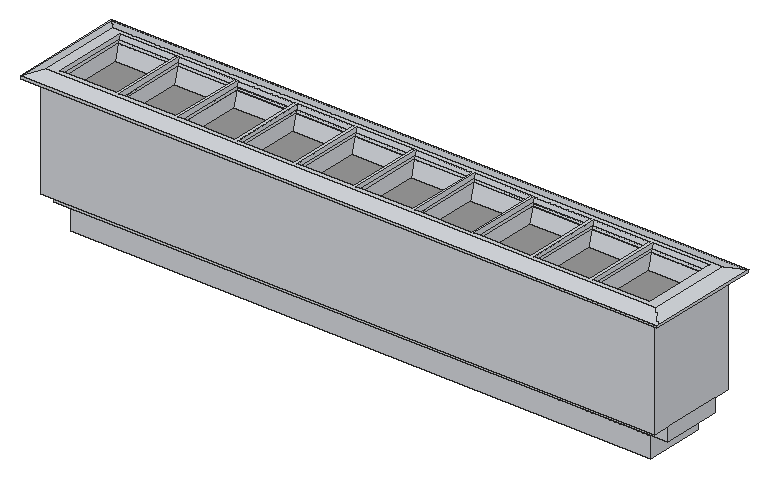
Revit family "2061171 Sylvania Lighting Fixture DOMINO 10xLED 930 BLACK NB TRIM BLACK", category Lighting Fixtures, host Face, Revit 2018
Family settings
  Host = Face
  Round Connector Dimension = Use Diameter
  Part Type = Normal
  OmniClass Number = 23.80.70.00
  OmniClass Title = Lighting
  Cut with Voids When Loaded = No
  Light Source = Yes
  Shared = No
  Room Calculation Point = No
Parameters (values of type "2061171 DOMINO 10XLED 930 BLACK NB TR BLK ")
  top top width = 15.812 mm
  top top length = 255 mm
  Width = 50 mm
  Weight = "n/a"
  Wattage Comments = ""
  Wattage = 9.2903 W
  WarrantyStartDate [instance] = "n/a"
  WarrantyGuarantorParts = "n/a"
  WarrantyDurationUnit = "n/a"
  WarrantyDurationParts = ""
  WarrantyDescription = "http://www.sylvania-lighting.com"
  built-in parameter 1150110 = 1 (stored number, unit not read)
  Voltage = 0 V
  URL = "0.95"
  TypeName = "DOMINO 10xLED 930 BLACK NB TRIM BLACK"
  Type Image = <None>
  Type Comments = "n/a"
  built-in parameter 1114217 = 1 (stored number, unit not read)
  Top Width = 26 mm
  Tilt Angle = 90.00°
  built-in parameter 1150109 = 1 (stored number, unit not read)
  built-in parameter 1150134 = 3
  built-in parameter 1150113 = 1 (stored number, unit not read)
  SerialNumber [instance] = "n/a"
  Recessed Width = 43 mm
  Recessed Length = 276 mm
  Photometric Web File = "2061171.ies"
  Material_3_FEILO = none
  PowerFactor = 0
  PowerConsumption = "Lighting"
  NominalLength = 50 mm
  NominalHeight = 0 mm
  NominalDepth = 0 mm
  Name = "DOMINO 10xLED 930 BLACK NB TRIM BLACK"
  ModelReference = Name  # "DOMINO 10xLED 930 BLACK NB TRIM BLACK"
  ModelNumber = "2061171"
  Model = Name  # "DOMINO 10xLED 930 BLACK NB TRIM BLACK"
  Material = "Feilo Sylvania"
  ManufacturerName = "69 lm/W"
  Manufacturer = ""
  LuminousEfficacy = ""
  built-in parameter 1150105 = 109.82 (stored number, unit not read)
  Lumens = 1380 lm
  LuminaireType = "0"
  built-in parameter 1150115 = 1 (stored number, unit not read)
  LightOutputRatio = "LED"
  built-in parameter 1150137 = (empty or 0)
  built-in parameter 1150139 = (empty or 0)
  Lens inside recess = 25 mm
  Lens Width = 32 mm
  Lens Outside recess = 31.978 mm
  Lens = Glass, White, High Luminance
  Length = 280 mm
  LampsType = Lamp  # "n/a"
  LampNominalLuminous = "3000 K"
  LampMacAdamStep = "90"
  LampColourTemperature = "LED"
  LampColourRenderingIndex = "16500"
  built-in parameter 1150112 = 1 (stored number, unit not read)
  built-in parameter 1150114 = 1 (stored number, unit not read)
  Lamp = "n/a"
  Keynote = "n/a"
  InstallationDate [instance] = "n/a"
  InputVoltage = "0"
  InputNominalFrequency = "3000"
  built-in parameter 1150132 = (empty or 0)
  built-in parameter 1150102 = (empty or 0)
  built-in parameter 1150107 = 3200 (stored number, unit not read)
  built-in parameter 1150138 = (empty or 0)
  IngressProtection = "IfcLightFixtureType"
  ImpactProtectionIndex = "IfcLightFixtureType"
  built-in parameter 1150106 = 1.0982 (stored number, unit not read)
  IfcExportType = "IfcLightFixtureType"
  IfcExportAs = "Class II"
  Facia internal width = 37 mm
  Facia internal length = 268 mm
  Facia Height = 2 mm
  ExpectedLife = 50000
  Emit from Circle Diameter = 609.6 mm
  Emit Shape Visible in Rendering = no
  ElectricShockClassification = "69"
  built-in parameter 1150104 = 13.8 (stored number, unit not read)
  DurationUnit = "hours"
  DocumentationLiterature = "http://www.sylvania-lighting.com/product/en-int/products/2061171"
  DimmingControlOptions = "n/a"
  Material_2_FEILO = none
  Dimming Lamp Color Temperature Shift = <None>
  Description = "Modular LED recessed linear spotlight, ideal for retail and hospitality applications. Die-cast aluminium body, passive cooling. Two levels of reflector installation, low glaring UGR<16. 10x LED source, 15° beam angle , optics: PMMA lens and polycarbonate reflector combination, Black matt reflector finish. Light color temperature: 3000K warm white, total system power: 23W , total fixture lumen output: 1575lm, efficacy: 69 lm/W, Ra90 typical, LED chromacity: 3 step MacAdam ellipse (SDCM3), lifespan: 96,000 hours at 90% of the original output (L90B10), IR/UV free light source without heat radiation, operating voltage: 220-240V / 50-60Hz, electronic driver, ultra low flicker, non-dimmable , electrical protection: Class II. Degree of Protection: IP40/IP20, suitable for indoor environment only. Ceiling cut-out: 43x43mm, outer dimensions:  280x50mm trim frame RAL 9005 - Jet black color.5 years Warranty."
  Default Elevation = 1219.2 mm
  CreatedOn = "11/02/2021"
  CreatedBy = "@sylvania-lighting.com"
  Cost = 0
  Color Filter = 16777215
  built-in parameter 1114216 [instance] = (empty or 0)
  ClassificationValue = "EF_70_80"
  ClassificationName = "Uniclass2015"
  Material_1_FEILO = none
  Body Width = 40 mm
  Body Length = 270 mm
  BarCode [instance] = "n/a"
  built-in parameter 1114218 = 1 (stored number, unit not read)
  built-in parameter 1150133 = 10 (stored number, unit not read)
  AssetType = "Fixed"
  AssetIdentifier [instance] = "n/a"
  Assembly Code = "D5020200"
  Apparent Load = 23 VA
  Material_4_FEILO = none
Reference planes
  plane 1 "Center (Front/Back)": y = 0
  plane 2: z = 0
  plane 3 "Center (Left/Right)": x = 0
  plane 4: z = 0
  plane 5: z = -7
  plane 6: z = -45.895
  plane 7: z = -51.895
  plane 8: z = -60.895
  plane 9: x = -138
  plane 10: x = 138
  plane 11: y = 21.5
  plane 12: y = -21.5
  plane 13: x = -140
  plane 14: x = 140
  plane 15: y = 25
  plane 16: y = -25
  plane 17: x = 134
  plane 18: x = -134
  plane 19: y = 18.5
  plane 20: y = -18.5
  plane 21: z = 2
  plane 22: x = -135
  plane 23: x = 135
  plane 24: y = 20
  plane 25: y = -20
  plane 26: y = 13
  plane 27: y = -13
  plane 28: x = 127.5
  plane 29: x = -127.5
  plane 30: x = -132
  plane 31: y = 16.5
  plane 32: y = -16.472
  plane 33: y = 13
  plane 34: y = -12.972
  plane 35: x = 129.7
  plane 36: x = 127.224
Forms (mm)
  Extrusion 1, solid, not visible, detail levels medium+fine
    sketch origin (4.2, 0, 0) x (1, 0, 0) y (0, 1, 0)
      loop
        line (-29.2, 34.5) -> (-29.2, -34.5) -> (20.8, -34.5) -> (20.8, 34.5) -> (-29.2, 34.5)
    from 0 to 1
  Extrusion 2, solid, not visible, detail levels medium+fine
    sketch origin (4.044, 0, 0) x (1, 0, 0) y (0, 1, 0)
      loop
        line (-29.2, 34.5) -> (-29.2, -34.5) -> (20.8, -34.5) -> (20.8, 34.5) -> (-29.2, 34.5)
    from 0 to 1
  Blend 3, solid, not visible, detail levels medium+fine
    base sketch origin (4.2, 0, 0) x (1, 0, 0) y (0, 1, 0)
      loop
        line (-29.2, 34.5) -> (-29.2, -34.5) -> (20.8, -34.5) -> (20.8, 34.5) -> (-29.2, 34.5)
    top sketch origin (4.2, 0, 0) x (1, 0, 0) y (0, 1, 0)
      loop
        line (-21.7, 28) -> (-21.7, -28) -> (13.3, -28) -> (13.3, 28) -> (-21.7, 28)
    from 1 to 3
  Extrusion 4, solid, not visible, detail levels medium+fine
    sketch origin (3.419, 0, 0) x (1, 0, 0) y (0, 1, 0)
      loop
        line (-29.2, 34.5) -> (-29.2, -34.5) -> (20.8, -34.5) -> (20.8, 34.5) -> (-29.2, 34.5)
    from 0 to 1
  Blend 5, solid, not visible, detail levels medium+fine
    base sketch origin (3.575, 0, 0) x (1, 0, 0) y (0, 1, 0)
      loop
        line (-29.2, 34.5) -> (-29.2, -34.5) -> (20.8, -34.5) -> (20.8, 34.5) -> (-29.2, 34.5)
    top sketch origin (3.575, 0, 0) x (1, 0, 0) y (0, 1, 0)
      loop
        line (-21.7, 28) -> (-21.7, -28) -> (13.3, -28) -> (13.3, 28) -> (-21.7, 28)
    from 1 to 3
  Extrusion 6, solid, not visible, detail levels medium+fine
    sketch origin (4.247, 0, 0) x (1, 0, 0) y (0, 1, 0)
      loop
        line (-29.2, 34.5) -> (-29.2, -34.5) -> (20.8, -34.5) -> (20.8, 34.5) -> (-29.2, 34.5)
    from 0 to 1
  Blend 7, solid, not visible, detail levels medium+fine
    base sketch origin (4.403, 0, 0) x (1, 0, 0) y (0, 1, 0)
      loop
        line (-29.2, 34.5) -> (-29.2, -34.5) -> (20.8, -34.5) -> (20.8, 34.5) -> (-29.2, 34.5)
    top sketch origin (4.403, 0, 0) x (1, 0, 0) y (0, 1, 0)
      loop
        line (-21.7, 28) -> (-21.7, -28) -> (13.3, -28) -> (13.3, 28) -> (-21.7, 28)
    from 1 to 3
  Extrusion 8, void, detail levels medium+fine
    sketch origin (4.2, 0, 0) x (0, 1, 0) y (1, 0, 0)
      loop
        line (21.5, -142.2) -> (21.5, 133.8) -> (-21.5, 133.8) -> (-21.5, -142.2) -> (21.5, -142.2)
    from -9.934 to 83.097
  Extrusion 9, solid, detail levels medium+fine
    sketch origin (4.2, 0, 0) x (1, 0, 0) y (0, 1, 0)
      loop
        line (-144.2, 25) -> (-144.2, -25) -> (135.8, -25) -> (135.8, 25) -> (-144.2, 25)
    from 0 to 1
  Extrusion 10, solid, detail levels medium+fine
    sketch origin (4.2, 0, 0) x (1, 0, 0) y (0, 1, 0)
      loop
        line (-139.2, 20) -> (-139.2, -20) -> (130.8, -20) -> (130.8, 20) -> (-139.2, 20)
    from 0 to -45.895
  Extrusion 11, solid, detail levels medium+fine
    sketch origin (4.2, 0, 0) x (1, 0, 0) y (0, 1, 0)
      loop
        line (-139.2, 13) -> (-139.2, -13) -> (130.8, -13) -> (130.8, 13) -> (-139.2, 13)
    from -51.895 to -45.895
  Extrusion 12, solid, material "Glass, White, High Luminance" <- "Lens", detail levels fine
    sketch origin (-53.155, 1221.106, 36.156) x (1, 0, 0) y (0, 1, 0)
      loop
        line (-76.18, -1206.856) -> (-76.18, -1232.856) -> (-52.18, -1232.856) -> (-52.18, -1206.856) -> (-76.18, -1206.856)
    from -43.156 to -42.182
  Blend 13, solid, detail levels medium+fine
    base sketch origin (4.2, 0, 0) x (1, 0, 0) y (0, 1, 0)
      loop
        line (-144.2, 25) -> (-144.2, -25) -> (135.8, -25) -> (135.8, 25) -> (-144.2, 25)
    top sketch origin (4.2, 0, 0) x (1, 0, 0) y (0, 1, 0)
      loop
        line (-138.2, 18.5) -> (-138.2, -18.5) -> (129.8, -18.5) -> (129.8, 18.5) -> (-138.2, 18.5)
    from 1 to 3
  Extrusion 14, solid, detail levels fine
    sketch origin (0, 0, 0) x (1, 0, 0) y (0, 0, 1)
      loop
        line (-127.5, -51.895) -> (-127.5, -60.895) -> (127.5, -60.895) -> (127.5, -51.895) -> (-127.5, -51.895)
    from -13 to 13
  Blend 15, void
    base sketch origin (-59.8, 0, 0) x (0, 1, 0) y (-1, 0, 0)
      loop
        line (16.5, 69.7) -> (-16.472, 69.7) -> (-16.472, 44.7) -> (16.5, 44.7) -> (16.5, 69.7)
    top sketch origin (-59.8, 0, 0) x (0, 1, 0) y (-1, 0, 0)
      loop
        line (13, 69.2) -> (-12.972, 69.2) -> (-12.972, 45.2) -> (13, 45.2) -> (13, 69.2)
    from 3 to -7
  Blend 16, void
    base sketch origin (18.282, 0, 0) x (0, 1, 0) y (-1, 0, 0)
      loop
        line (16.5, 69.7) -> (-16.472, 69.7) -> (-16.472, 44.7) -> (16.5, 44.7) -> (16.5, 69.7)
    top sketch origin (18.282, 0, 0) x (0, 1, 0) y (-1, 0, 0)
      loop
        line (13, 69.2) -> (-12.972, 69.2) -> (-12.972, 45.2) -> (13, 45.2) -> (13, 69.2)
    from 3 to -7
  Blend 17, void
    base sketch origin (44.284, -0.017, 0) x (0, 1, 0) y (-1, 0, 0)
      loop
        line (16.5, 69.7) -> (-16.472, 69.7) -> (-16.472, 44.7) -> (16.5, 44.7) -> (16.5, 69.7)
    top sketch origin (44.284, -0.017, 0) x (0, 1, 0) y (-1, 0, 0)
      loop
        line (13, 69.2) -> (-12.972, 69.2) -> (-12.972, 45.2) -> (13, 45.2) -> (13, 69.2)
    from 3 to -7
  Blend 18, void
    base sketch origin (70.327, 0, 0) x (0, 1, 0) y (-1, 0, 0)
      loop
        line (16.5, 69.7) -> (-16.472, 69.7) -> (-16.472, 44.7) -> (16.5, 44.7) -> (16.5, 69.7)
    top sketch origin (70.327, 0, 0) x (0, 1, 0) y (-1, 0, 0)
      loop
        line (13, 69.2) -> (-12.972, 69.2) -> (-12.972, 45.2) -> (13, 45.2) -> (13, 69.2)
    from 3 to -7
  Blend 19, void
    base sketch origin (96.351, 0, 0) x (0, 1, 0) y (-1, 0, 0)
      loop
        line (16.5, 69.7) -> (-16.472, 69.7) -> (-16.472, 44.7) -> (16.5, 44.7) -> (16.5, 69.7)
    top sketch origin (96.351, 0, 0) x (0, 1, 0) y (-1, 0, 0)
      loop
        line (13, 69.2) -> (-12.972, 69.2) -> (-12.972, 45.2) -> (13, 45.2) -> (13, 69.2)
    from 3 to -7
  Extrusion 20, solid, material "Glass, White, High Luminance" <- "Lens", detail levels fine
    sketch origin (-29.269, 1219.946, 36.156) x (1, 0, 0) y (0, 1, 0)
      loop
        line (-73.723, -1206.946) -> (-73.723, -1232.946) -> (-49.723, -1232.946) -> (-49.723, -1206.946) -> (-73.723, -1206.946)
    from -43.156 to -42.182
  Extrusion 21, solid, material "Glass, White, High Luminance" <- "Lens", detail levels fine
    sketch origin (-0.613, 1219.733, 36.156) x (1, 0, 0) y (0, 1, 0)
      loop
        line (-76.347, -1206.7) -> (-76.347, -1232.733) -> (-52.347, -1232.733) -> (-52.347, -1206.7) -> (-76.347, -1206.7)
    from -43.156 to -42.182
  Extrusion 22, solid, material "Glass, White, High Luminance" <- "Lens", detail levels fine
    sketch origin (24.387, 1218.509, 36.156) x (1, 0, 0) y (0, 1, 0)
      loop
        line (-75.305, -1205.509) -> (-75.305, -1231.509) -> (-51.305, -1231.509) -> (-51.305, -1205.509) -> (-75.305, -1205.509)
    from -43.156 to -42.182
  Extrusion 23, solid, material "Glass, White, High Luminance" <- "Lens", detail levels fine
    sketch origin (51.187, 1219.547, 36.156) x (1, 0, 0) y (0, 1, 0)
      loop
        line (-76.102, -1206.547) -> (-76.102, -1232.547) -> (-52.102, -1232.547) -> (-52.102, -1206.547) -> (-76.102, -1206.547)
    from -43.156 to -42.182
  Blend 24, void
    base sketch origin (-33.792, 0, 0) x (0, 1, 0) y (-1, 0, 0)
      loop
        line (16.5, 69.7) -> (-16.472, 69.7) -> (-16.472, 44.7) -> (16.5, 44.7) -> (16.5, 69.7)
    top sketch origin (-33.792, 0, 0) x (0, 1, 0) y (-1, 0, 0)
      loop
        line (13, 69.2) -> (-12.972, 69.2) -> (-12.972, 45.2) -> (13, 45.2) -> (13, 69.2)
    from 3 to -7
  Blend 25, void
    base sketch origin (-7.76, 0, 0) x (0, 1, 0) y (-1, 0, 0)
      loop
        line (16.5, 69.7) -> (-16.472, 69.7) -> (-16.472, 44.7) -> (16.5, 44.7) -> (16.5, 69.7)
    top sketch origin (-7.76, 0, 0) x (0, 1, 0) y (-1, 0, 0)
      loop
        line (13, 69.2) -> (-12.972, 69.2) -> (-12.972, 45.2) -> (13, 45.2) -> (13, 69.2)
    from 3 to -7
  Blend 26, void
    base sketch origin (122.411, 0, 0) x (0, 1, 0) y (-1, 0, 0)
      loop
        line (16.5, 69.7) -> (-16.472, 69.7) -> (-16.472, 44.7) -> (16.5, 44.7) -> (16.5, 69.7)
    top sketch origin (122.411, 0, 0) x (0, 1, 0) y (-1, 0, 0)
      loop
        line (13, 69.2) -> (-12.972, 69.2) -> (-12.972, 45.2) -> (13, 45.2) -> (13, 69.2)
    from 3 to -7
  Extrusion 27, solid, material "Glass, White, High Luminance" <- "Lens", detail levels fine
    sketch origin (77.265, 1219.547, 36.156) x (1, 0, 0) y (0, 1, 0)
      loop
        line (-76.102, -1206.547) -> (-76.102, -1232.547) -> (-52.102, -1232.547) -> (-52.102, -1206.547) -> (-76.102, -1206.547)
    from -43.156 to -42.182
  Extrusion 28, solid, material "Glass, White, High Luminance" <- "Lens", detail levels fine
    sketch origin (100.753, 1219.547, 36.156) x (1, 0, 0) y (0, 1, 0)
      loop
        line (-76.102, -1206.547) -> (-76.102, -1232.547) -> (-52.102, -1232.547) -> (-52.102, -1206.547) -> (-76.102, -1206.547)
    from -43.156 to -42.182
  Extrusion 29, solid, material "Glass, White, High Luminance" <- "Lens", detail levels fine
    sketch origin (129.314, 1219.547, 36.156) x (1, 0, 0) y (0, 1, 0)
      loop
        line (-76.102, -1206.547) -> (-76.102, -1232.547) -> (-52.102, -1232.547) -> (-52.102, -1206.547) -> (-76.102, -1206.547)
    from -43.156 to -42.182
  Blend 30, void
    base sketch origin (148.416, 0, 0) x (0, 1, 0) y (-1, 0, 0)
      loop
        line (16.5, 69.7) -> (-16.472, 69.7) -> (-16.472, 44.7) -> (16.5, 44.7) -> (16.5, 69.7)
    top sketch origin (148.416, 0, 0) x (0, 1, 0) y (-1, 0, 0)
      loop
        line (13, 69.2) -> (-12.972, 69.2) -> (-12.972, 45.2) -> (13, 45.2) -> (13, 69.2)
    from 3 to -7
  Extrusion 31, solid, material "Glass, White, High Luminance" <- "Lens", detail levels fine
    sketch origin (155.278, 1219.547, 36.156) x (1, 0, 0) y (0, 1, 0)
      loop
        line (-76.102, -1206.547) -> (-76.102, -1232.547) -> (-52.102, -1232.547) -> (-52.102, -1206.547) -> (-76.102, -1206.547)
    from -43.156 to -42.182
  Blend 32, void
    base sketch origin (174.42, 0, 0) x (0, 1, 0) y (-1, 0, 0)
      loop
        line (16.5, 69.7) -> (-16.472, 69.7) -> (-16.472, 44.7) -> (16.5, 44.7) -> (16.5, 69.7)
    top sketch origin (174.42, 0, 0) x (0, 1, 0) y (-1, 0, 0)
      loop
        line (13, 69.2) -> (-12.972, 69.2) -> (-12.972, 45.2) -> (13, 45.2) -> (13, 69.2)
    from 3 to -7
  Extrusion 33, solid, material "Glass, White, High Luminance" <- "Lens", detail levels fine
    sketch origin (181.434, 1219.547, 36.156) x (1, 0, 0) y (0, 1, 0)
      loop
        line (-76.214, -1206.547) -> (-76.214, -1232.547) -> (-52.214, -1232.547) -> (-52.214, -1206.547) -> (-76.214, -1206.547)
    from -43.156 to -42.182
  Extrusion 34, solid, detail levels coarse
    sketch origin (4.2, 0, 0) x (1, 0, 0) y (0, 1, 0)
      loop
        line (-144.2, 25) -> (-144.2, -25) -> (135.8, -25) -> (135.8, 25) -> (-144.2, 25)
    from -60.895 to 3
Cuts and joins
  Blend 15, Blend 16, Blend 17, Blend 18, Blend 19, Blend 24, Blend 25, Blend 26, Blend 30, Blend 32 cuts Extrusion 9
  Blend 15, Blend 16, Blend 17, Blend 18, Blend 19, Blend 24, Blend 25, Blend 26, Blend 30, Blend 32 cuts Extrusion 10
  Blend 15, Blend 16, Blend 17, Blend 18, Blend 19, Blend 24, Blend 25, Blend 26, Blend 30, Blend 32 cuts Blend 13
  Blend 32 cuts Extrusion 31
Dimensions and locks
  "Recessed Length": plane 9 to plane 10
  equal spacing: plane 9, plane 3 "Center (Left/Right)", plane 10
  "Length": plane 13 to plane 14
  equal spacing: plane 13, plane 3 "Center (Left/Right)", plane 14
  "Recessed Width": plane 11 to plane 12
  equal spacing: plane 11, plane 1 "Center (Front/Back)", plane 12
  "Width": plane 15 to plane 16
  equal spacing: plane 15, plane 1 "Center (Front/Back)", plane 16
  "Facia internal length": plane 18 to plane 17
  equal spacing: plane 18, plane 3 "Center (Left/Right)", plane 17
  "Facia internal width": plane 19 to plane 20
  equal spacing: plane 19, plane 1 "Center (Front/Back)", plane 20
  "Facia Height": plane 21 to host face
  "Body Length": plane 22 to plane 23
  equal spacing: plane 22, plane 3 "Center (Left/Right)", plane 23
  "Body Width": plane 24 to plane 25
  equal spacing: plane 24, plane 1 "Center (Front/Back)", plane 25
  "Top Width": plane 26 to plane 27
  equal spacing: plane 26, plane 1 "Center (Front/Back)", plane 27
  "top top length": plane 29 to plane 28
  equal spacing: plane 29, plane 3 "Center (Left/Right)", plane 28  (x2)
  plane 28 to plane 29 = 255 mm
  equal spacing: plane 28, plane 3 "Center (Left/Right)", plane 29
  aligned and locked: plane 2 to host face
  aligned and locked: level to host face
  aligned and locked: Extrusion 11 to plane 7
  aligned and locked: Extrusion 10 to plane 6
  aligned and locked: Extrusion 12 to plane 5
Automatic sketch dimensions
  Extrusion 1 sketch curve to Extrusion 1 sketch curve = 50 mm
  Extrusion 1 sketch curve to Extrusion 1 sketch curve = 69 mm
  Extrusion 2 sketch curve to Extrusion 2 sketch curve = 50 mm
  Extrusion 2 sketch curve to Extrusion 2 sketch curve = 69 mm
  Blend 3 sketch curve to Blend 3 sketch curve = 50 mm
  Blend 3 sketch curve to Blend 3 sketch curve = 69 mm
  Blend 3 sketch curve to Blend 3 sketch curve = 35 mm
  Blend 3 sketch curve to Blend 3 sketch curve = 56 mm
  Extrusion 4 sketch curve to Extrusion 4 sketch curve = 50 mm
  Extrusion 4 sketch curve to Extrusion 4 sketch curve = 69 mm
  Blend 5 sketch curve to Blend 5 sketch curve = 50 mm
  Blend 5 sketch curve to Blend 5 sketch curve = 69 mm
  Blend 5 sketch curve to Blend 5 sketch curve = 35 mm
  Blend 5 sketch curve to Blend 5 sketch curve = 56 mm
  Extrusion 6 sketch curve to Extrusion 6 sketch curve = 50 mm
  Extrusion 6 sketch curve to Extrusion 6 sketch curve = 69 mm
  Blend 7 sketch curve to Blend 7 sketch curve = 50 mm
  Blend 7 sketch curve to Blend 7 sketch curve = 69 mm
  Blend 7 sketch curve to Blend 7 sketch curve = 35 mm
  Blend 7 sketch curve to Blend 7 sketch curve = 56 mm
  host sketch curve to host sketch curve = 2438.4 mm  (x2)
  Extrusion 8 sketch curve to plane 9 = 0 mm
  Extrusion 8 sketch curve to plane 12 = 0 mm
  Extrusion 8 sketch curve to plane 11 = 0 mm
  Extrusion 8 sketch curve to plane 10 = 0 mm
  Extrusion 9 sketch curve to plane 13 = 0 mm
  Extrusion 9 sketch curve to plane 14 = 0 mm
  Extrusion 9 sketch curve to plane 16 = 0 mm
  Extrusion 9 sketch curve to plane 15 = 0 mm
  Extrusion 10 sketch curve to plane 22 = 0 mm
  Extrusion 10 sketch curve to plane 23 = 0 mm
  Extrusion 10 sketch curve to plane 25 = 0 mm
  Extrusion 10 sketch curve to plane 24 = 0 mm
  Extrusion 11 sketch curve to plane 22 = 0 mm
  Extrusion 11 sketch curve to plane 23 = 0 mm
  Extrusion 11 sketch curve to plane 27 = 0 mm
  plane 26 to Extrusion 11 sketch curve = 0 mm
  plane 27 to Extrusion 12 sketch curve = 1.25 mm
  plane 26 to Extrusion 12 sketch curve = 1.25 mm
  plane 30 to Extrusion 12 sketch curve = 2.665 mm
  Blend 13 sketch curve to plane 13 = 0 mm
  Blend 13 sketch curve to plane 14 = 0 mm
  Blend 13 sketch curve to plane 16 = 0 mm
  Blend 13 sketch curve to plane 15 = 0 mm
  Blend 13 sketch curve to plane 18 = 0 mm
  Blend 13 sketch curve to plane 17 = 0 mm
  Blend 13 sketch curve to plane 20 = 0 mm
  Blend 13 sketch curve to plane 19 = 0 mm
  Extrusion 14 sketch curve to plane 8 = 0 mm
  Extrusion 14 sketch curve to plane 29 = 0 mm
  Extrusion 14 sketch curve to plane 28 = 0 mm
  Extrusion 14 sketch curve to plane 7 = 0 mm
  plane 30 to Blend 15 sketch curve = 2.5 mm
  Blend 15 sketch curve to plane 32 = 0 mm
  Blend 15 sketch curve to plane 31 = 0 mm
  Blend 15 sketch curve to plane 34 = 0 mm
  Blend 15 sketch curve to plane 26 = 0 mm
  plane 30 to Blend 15 sketch curve = 3 mm
  Blend 16 sketch curve to plane 32 = 0 mm
  Blend 16 sketch curve to plane 31 = 0 mm
  Blend 16 sketch curve to plane 34 = 0 mm
  Blend 16 sketch curve to plane 26 = 0 mm
  Blend 17 sketch curve to plane 32 = 0.017 mm
  Blend 17 sketch curve to plane 31 = 0.017 mm
  plane 27 to Blend 17 sketch curve = 0.011 mm
  Blend 17 sketch curve to plane 26 = 0.017 mm
  plane 32 to Blend 18 sketch curve = 0 mm
  plane 31 to Blend 18 sketch curve = 0 mm
  plane 34 to Blend 18 sketch curve = 0 mm
  plane 26 to Blend 18 sketch curve = 0 mm
  Blend 19 sketch curve to plane 32 = 0 mm
  Blend 19 sketch curve to plane 31 = 0 mm
  Blend 19 sketch curve to plane 34 = 0 mm
  Blend 19 sketch curve to plane 26 = 0 mm
  Extrusion 20 sketch curve to plane 27 = 0 mm
  Extrusion 20 sketch curve to plane 26 = 0 mm
  Extrusion 21 sketch curve to plane 27 = 0 mm
  plane 26 to Extrusion 21 sketch curve = 0.033 mm
  Extrusion 22 sketch curve to plane 27 = 0 mm
  Extrusion 22 sketch curve to plane 26 = 0 mm
  Extrusion 23 sketch curve to plane 27 = 0 mm
  Extrusion 23 sketch curve to plane 26 = 0 mm
  Blend 24 sketch curve to plane 32 = 0 mm
  Blend 24 sketch curve to plane 31 = 0 mm
  Blend 24 sketch curve to plane 34 = 0 mm
  Blend 24 sketch curve to plane 26 = 0 mm
  Blend 25 sketch curve to plane 32 = 0 mm
  Blend 25 sketch curve to plane 31 = 0 mm
  Blend 25 sketch curve to plane 34 = 0 mm
  Blend 25 sketch curve to plane 26 = 0 mm
  Blend 26 sketch curve to plane 32 = 0 mm
  Blend 26 sketch curve to plane 31 = 0 mm
  Blend 26 sketch curve to plane 34 = 0 mm
  Blend 26 sketch curve to plane 26 = 0 mm
  Extrusion 27 sketch curve to plane 27 = 0 mm
  Extrusion 27 sketch curve to plane 26 = 0 mm
  Extrusion 28 sketch curve to plane 27 = 0 mm
  Extrusion 28 sketch curve to plane 26 = 0 mm
  Extrusion 29 sketch curve to plane 27 = 0 mm
  Extrusion 29 sketch curve to plane 26 = 0 mm
  Blend 30 sketch curve to plane 32 = 0 mm
  Blend 30 sketch curve to plane 31 = 0 mm
  Blend 30 sketch curve to plane 34 = 0 mm
  Blend 30 sketch curve to plane 26 = 0 mm
  Extrusion 31 sketch curve to plane 27 = 0 mm
  Extrusion 31 sketch curve to plane 26 = 0 mm
  Blend 32 sketch curve to plane 32 = 0 mm
  Blend 32 sketch curve to plane 31 = 0 mm
  plane 28 to Blend 32 sketch curve = 2.22 mm
  Blend 32 sketch curve to plane 34 = 0 mm
  Blend 32 sketch curve to plane 26 = 0 mm
  plane 28 to Blend 32 sketch curve = 1.72 mm
  plane 27 to Extrusion 33 sketch curve = 0 mm
  plane 26 to Extrusion 33 sketch curve = 0 mm
  plane 28 to Extrusion 33 sketch curve = 1.72 mm
  Extrusion 21 sketch curve to Extrusion 21 sketch curve = 24 mm
  Blend 25 sketch curve to Blend 25 sketch curve = 24 mm
  plane 29 to Extrusion 12 sketch curve = 22.165 mm
  plane 29 to Blend 15 sketch curve = 23 mm
  plane 29 to Blend 15 sketch curve = 22.5 mm
  plane 29 to Extrusion 20 sketch curve = 24.508 mm
  Extrusion 20 sketch curve to Extrusion 20 sketch curve = 24 mm
  plane 29 to Blend 24 sketch curve = 49.008 mm
  plane 29 to Blend 24 sketch curve = 24.008 mm
  plane 29 to Blend 24 sketch curve = 48.508 mm
  Blend 24 sketch curve to Blend 24 sketch curve = 24 mm
  Blend 25 sketch curve to Blend 25 sketch curve = 25 mm
  Blend 16 sketch curve to Blend 16 sketch curve = 25 mm
  Blend 16 sketch curve to Blend 16 sketch curve = 24 mm
  plane 29 to Extrusion 21 sketch curve = 50.54 mm
  Extrusion 22 sketch curve to Extrusion 22 sketch curve = 24 mm
  Blend 16 sketch curve to plane 3 "Center (Left/Right)" = 26.418 mm
  Blend 16 sketch curve to plane 3 "Center (Left/Right)" = 26.918 mm
  Blend 17 sketch curve to plane 3 "Center (Left/Right)" = 0.416 mm
  Blend 17 sketch curve to Blend 17 sketch curve = 25 mm
  Blend 17 sketch curve to plane 3 "Center (Left/Right)" = 0.916 mm
  Blend 17 sketch curve to Blend 17 sketch curve = 24 mm
  plane 3 "Center (Left/Right)" to Blend 18 sketch curve = 0.627 mm
  plane 3 "Center (Left/Right)" to Blend 18 sketch curve = 1.127 mm
  Extrusion 22 sketch curve to plane 3 "Center (Left/Right)" = 50.918 mm
  Extrusion 23 sketch curve to plane 3 "Center (Left/Right)" = 24.916 mm
  Extrusion 23 sketch curve to plane 3 "Center (Left/Right)" = 0.916 mm
  Blend 25 sketch curve to plane 3 "Center (Left/Right)" = 52.46 mm
  Blend 25 sketch curve to plane 3 "Center (Left/Right)" = 52.96 mm
  plane 3 "Center (Left/Right)" to Extrusion 27 sketch curve = 1.162 mm
  Blend 18 sketch curve to Blend 18 sketch curve = 25 mm
  Blend 18 sketch curve to Blend 18 sketch curve = 24 mm
  plane 3 "Center (Left/Right)" to Blend 19 sketch curve = 51.651 mm
  Blend 19 sketch curve to Blend 19 sketch curve = 25 mm
  plane 3 "Center (Left/Right)" to Blend 19 sketch curve = 51.151 mm
  Blend 19 sketch curve to Blend 19 sketch curve = 24 mm
  Blend 26 sketch curve to plane 36 = 49.513 mm
  Blend 26 sketch curve to Blend 26 sketch curve = 25 mm
  Blend 26 sketch curve to plane 36 = 50.013 mm
  Blend 26 sketch curve to Blend 26 sketch curve = 24 mm
  Extrusion 27 sketch curve to Extrusion 27 sketch curve = 24 mm
  plane 3 "Center (Left/Right)" to Extrusion 28 sketch curve = 24.651 mm
  Extrusion 28 sketch curve to Extrusion 28 sketch curve = 24 mm
  plane 3 "Center (Left/Right)" to Extrusion 29 sketch curve = 53.211 mm
  Extrusion 29 sketch curve to Extrusion 29 sketch curve = 24 mm
  Blend 30 sketch curve to plane 36 = 23.508 mm
  Blend 30 sketch curve to Blend 30 sketch curve = 25 mm
  Blend 30 sketch curve to plane 36 = 24.008 mm
  Blend 30 sketch curve to Blend 30 sketch curve = 24 mm
  Extrusion 31 sketch curve to plane 36 = 48.048 mm
  Extrusion 31 sketch curve to Extrusion 31 sketch curve = 24 mm
  Blend 32 sketch curve to plane 36 = 22.504 mm
  Blend 32 sketch curve to plane 36 = 22.004 mm
  Extrusion 33 sketch curve to plane 36 = 22.004 mm
  Extrusion 34 sketch curve to plane 13 = 0 mm
  Extrusion 34 sketch curve to plane 14 = 0 mm
  Extrusion 34 sketch curve to plane 16 = 0 mm
  Extrusion 34 sketch curve to plane 15 = 0 mm
Connectors
  electrical at (0, 0, -60.895)
    settings: on Extrusion 14, index 1, voltage 0 V, apparent load 0 VA, apparent load phase1 0 VA, apparent load phase2 0 VA, apparent load phase3 0 VA, power factor 1, load classification "Other", number of poles 1, system type 31, power factor state 1, is connector primary yes, connector utility no, sub classification motor no, connector description ""
